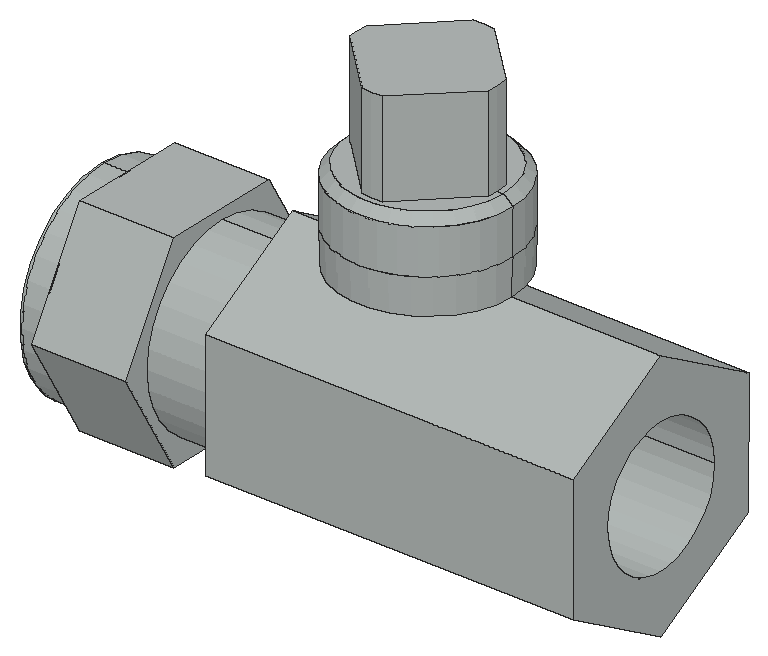
Revit family "QL11900000", category Apparecchi idraulici, Revit 2020
Family settings
  Quota connettore circolare = Usa diametro
  Tipo di parte = Normale
  Numero OmniClass = 23.45.00.00
  Titolo OmniClass = Sanitary, Laundry, and Cleaning Equipment
  Basato su piano di lavoro = No
  Sempre verticale = Sì
  Taglio con vuoti quando caricato = No
  Condiviso = No
  Punto di calcolo locali = No
Parameters
  URL = "https://web.cimberio.com/index.php/figura/43?subcategoria_id=47"
  Temperatura di esercizio = "-20 ÷ 95°C"
  Prospetto di default = 0 mm
  Produttore = "CIMBERIO SPA"
  Pressione nominale = "PN 150"
  Modello = "Cim 020"
  Materiale = "Prodotto in lega di ottone conforme alla norma EN 12165-CW617N-DW"
  Descrizione = "Realizzato in ottemperanza ai requisiti gestionali della norma EN ISO 9001.\r\nUtilizzato per la regolazione della temperatura degli ambienti e comandare apparecchi degli impianti di riscaldamento e condizionamento."
  DN Model [instance] = QL11903110 : QL11903110
  DN [instance] = 15 mm
  Commenti sul tipo = "Utilizzato nei più svariati settori dell'impiantistica: impianti di riscaldamento, condizionamento, idrici, igienico-sanitari, aria compressa e in generale con ogni fluido non corrosivo."
Reference planes
  plane 1 "Centro (Fronte/Retro)": y = 0
  plane 2: z = 0
  plane 3 "Centro (Sinistra/Destra)": x = 0
Dimensions and locks
  aligned and locked: level to plane 2
Nested families
  nested 1: "QL11903110" at (0, 0, 0), type <- "DN Model", type "QL11903110"
  nested 2: "QL11903110" at (0, 0, 0), type <- "DN Model", type "QL11903110"
  nested 3: "QL11903110" at (0, 0, 0), type <- "DN Model", type "QL11903110"
  nested 4: "QL11903110" at (0, 0, 0), type <- "DN Model", type "QL11903110"
Connectors
  piping at (25.957, 0, 14), diameter 15, driven by "DN"
    settings: on nested 1, index 1, connector inside diameter 609.6 mm, connector length 0 mm, flow factor 0, pipe flow 0.0 L/s, pressure drop 0.0 Pa, fitting loss kfactor 0, connector angle 0.00°, fixture units 0, engagement length 0 mm, angle of deflection 0.00°, flow configuration 0, flow direction 0, fitting loss method 0, system type 7, joint type 0, gender type 0, connector reference index -1, connector utility 0, adjustable connector no, is connector primary yes, connector description ""
  piping at (-33.766, 0, 11.9), diameter 15, driven by "DN"
    settings: on nested 1, index 2, connector inside diameter 609.6 mm, connector length 0 mm, flow factor 0, pipe flow 0.0 L/s, pressure drop 0.0 Pa, fitting loss kfactor 0, connector angle 0.00°, fixture units 0, engagement length 0 mm, angle of deflection 0.00°, flow configuration 0, flow direction 0, fitting loss method 0, system type 7, joint type 0, gender type 0, connector reference index -1, connector utility 0, adjustable connector no, is connector primary no, connector description ""
Definition of nested family "QL11903110"
  Parameters (values of type "QL11903110")
    URL = "https://web.cimberio.com/index.php/figura/1418?subcategoria_id="
    Temperatura di esercizio = "-10 ÷ 110°C"
    Default Elevation = 0 mm
    Manufacturer = "CIMBERIO SPA"
    Pressione nominale = "PN 10"
    Model = "Cim 150VIC"
    Materiale = "Prodotto in lega di ottone conforme alla norma EN 12165-CW617N-DW"
    Description = "Utilizzato nei più svariati settori dell'impiantistica: impianti di riscaldamento, condizionamento, idrici, igienico-sanitari e in generale con ogni fluido non corrosivo"
    DN Model [instance] = HG00081015 : HG00081015
    DN [instance] = 15 mm
    Type Comments = "Realizzato in ottemperanza ai requisiti gestionali della norma EN ISO 9001.\r\nCollaudato al 100% secondo la normativa EN 12266-1"
  Reference planes
    plane 1 "Centro (Fronte/Retro)": y = 0
    plane 2: z = 0
    plane 3 "Centro (Sinistra/Destra)": x = 0
  Forms (mm)
    Extrusion 1, solid
      sketch origin (0, 0, 14) x (0, 1, 0) y (0, 0, 1)
        loop
          circle (0, 0) r 7.5
        loop
          line (0, 14) -> (-12.124, 7) -> (-12.124, -7) -> (0, -14) -> (12.124, -7) -> (12.124, 7) -> (0, 14)
      from -15.043 to 25.957
    Revolve 2, solid
      sketch origin (-0.985, 0, 0) x (1, 0, 0) y (0, 0, 1)
        loop
          line (-14.058, 24.427) -> (-24.564, 24.422) -> (-27.063, 22.977) -> (-27.063, 21.5) -> (-14.058, 21.5) -> (-14.058, 24.427)
        axis (-14.058, 14) -> (-27.063, 14)
      angle from 0 to 360
    Revolve 3, solid
      sketch origin (0, 0, 0) x (1, 0, 0) y (0, 0, 1)
        loop
          line (-33.443, 25.5) -> (-35.943, 25.5)
          arc (-35.943, 25.5) -> (-36.296, 25.354) -> (-36.443, 25) r 0.5
          line (-36.443, 25) -> (-36.443, 21.5) -> (-33.443, 21.5) -> (-33.443, 25.5)
        axis (-36.443, 14) -> (-33.443, 14)
      angle from 0 to 360
    Extrusion 4, solid
      sketch origin (0, 0, 0) x (0, 1, 0) y (0, 0, 1)
        loop
          circle (0, 14) r 7.5
        loop
          line (-13.25, 14) -> (-6.625, 2.525) -> (6.625, 2.525) -> (13.25, 14) -> (6.625, 25.475) -> (-6.625, 25.475) -> (-13.25, 14)
      from -33.443 to -22.943
    Revolve 5, solid
      sketch origin (0, 0, 4.297) x (1, 0, 0) y (0, 0, 1)
        loop
          line (9.5, 32.758) -> (8.5, 33.758) -> (0, 33.758) -> (0, 23.8) -> (9.397, 23.8) -> (9.5, 27.758) -> (9.5, 32.758)
        axis (0, 33.758) -> (0, 23.8)
      angle from 0 to 360
    Extrusion 6, solid
      sketch origin (0, 0, 4.297) x (1, 0, 0) y (0, 1, 0)
        loop
          arc (-7.707, 1.199) -> (-7.8, -0.004) -> (-7.707, -1.207) r 7.8
          line (-7.707, -1.207) -> (-1.203, -7.711)
          arc (-1.203, -7.711) -> (0, -7.804) -> (1.203, -7.711) r 7.8
          line (1.203, -7.711) -> (7.707, -1.207)
          arc (7.707, -1.207) -> (7.8, -0.004) -> (7.707, 1.199) r 7.8
          line (7.707, 1.199) -> (1.203, 7.703)
          arc (1.203, 7.703) -> (0, 7.796) -> (-1.203, 7.703) r 7.8
          line (-1.203, 7.703) -> (-7.707, 1.199)
      from 33.758 to 44.258
  Dimensions and locks
    aligned and locked: level to plane 2
